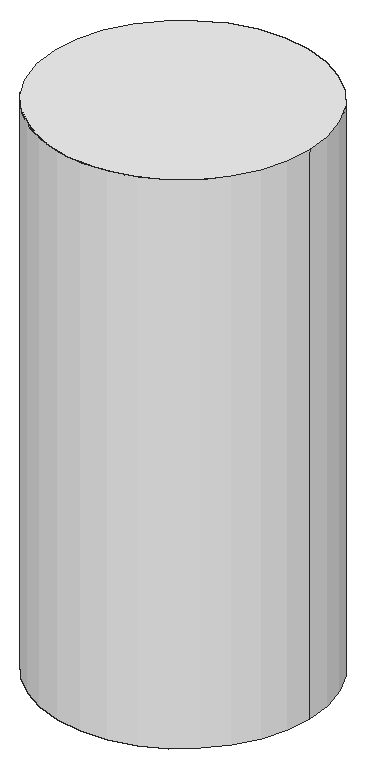
Revit family "01982001", category Plumbing Fixtures, Revit 2016
Family settings
  Part Type = Normal
  Round Connector Dimension = Use Diameter
  OmniClass Number = 23.45.55.00
  OmniClass Title = Sanitary Faucets, Wastes
  Work Plane-Based = No
  Always vertical = Yes
  Cut with Voids When Loaded = No
  Shared = No
  Room Calculation Point = No
Parameters (values of type "01982001 Washbasin faucet")
  WorkingPressure = "n/a"
  WarrantyStartDate [instance] = "n/a"
  WarrantyGuarantorParts = "n/a"
  WarrantyGuarantorLabor = "n/a"
  WarrantyDurationUnit = "Year"
  WarrantyDurationParts = "n/a"
  WarrantyDurationLabor = "n/a"
  WarrantyDescription = "http://warranty.hansa.com"
  VersionDate = "01/01/2019"  # constant formula
  Version = "2"  # constant formula
  ValvePattern = "n/a"
  ValveOperation = "n/a"
  ValveMechanism = "n/a"
  Uniclass2015Reference = "Pr_40_20_87_96"
  Uniclass2015Description = "Washbasin manual water supply sets"
  Uniclass2 = "Pr_40_30_96_96"
  URL ABP = "http://static.hansa.com/ABP/01982001"
  URL = ""
  TestPressure = "n/a"
  TagNumber [instance] = "n/a"
  SustainabilityPerformance = "n/a"
  Spout Type = "Fixed spout"
  Spare Parts = "http://static.hansa.com/sp/01982001"
  Size = "48x130x161 mm"
  Shape = "Sculptured"
  SerialNumber [instance] = "n/a"
  Revision = "2"  # constant formula
  ReplacementCost = "n/a"
  Projection = 97 mm
  ProductInformation = "n/a"
  Product URL = "http://static.hansa.com/01982001"
  Product Image URL = "http://static.hansa.com/image/01982001"
  Product Family = "HANSAMEDIPRO"
  Product Datasheet = "http://www.hansa.com/datasheet/01982001/en"
  Product Code = "01982001"
  Package external Dimensions = "374 x 214 x 116"
  Package Weight = "1.44 kg"
  OutletConnectionSize = 15 mm
  OperatingMechanismMaterial = "n/a"
  NominalWidth = 48 mm
  NominalHeight = 161 mm
  NominalDepth = 130 mm
  Name_en = "01982001 Washbasin faucet"
  Name = "01982001 Washbasin faucet"
  NBSReference = "45-35-70/371"
  NBSDescription = "Water supply fittings for wash basins and troughs"
  Mounting Holes = "1 mounting hole"
  ModelReference = "01982001"
  ModelNumber = "n/a"
  Model = "01982001 Washbasin faucet"
  Mechanical Parts = "Ceramic head part"
  Material = "Brass"
  Market = "AUT;BEL;CZE;DEU;ESP;INT;ITA;NLD;SVK"
  ManufacturerName = "Hansa"
  Manufacturer = "Hansa"
  ManufacterURL = "http://www.hansa.com/"
  Long Marketing = "One hole washbasin pillar valve"
  InstallationDate [instance] = "n/a"
  Installation and Maintenance = "http://static.hansa.com/manual/01982001"
  Installation Type = "Deck mounted"
  InletConnectionSize = 15 mm
  IfcExportType = "FAUCET"  # constant formula
  IfcExportAs = "IfcValveType"  # constant formula
  Health Sales Arguments = "Brass in contact with drinking water contains less than 0.3% lead.;Surfaces in contact with drinking water do not have a nickel coating."
  Group = "Washbasin faucets"
  Grade = "n/a"
  FlowCoefficient = 0
  Flow Rate At 300kPa With Flow Controller = 0.1 L/s
  Flow Drawing URL = "http://static.hansa.com/flowchart/01982001"
  Flow = "Laminar flow"
  Finish = "Polished"
  Features = "Single lever"
  FaucetMainMaterial = Brass
  FDV Document URL = "http://www.hansa.com/datasheet/01982001/en/fdv"
  Extensions = "No pop-up waste included"
  ExpectedLife = "n/a"
  EAN Number = "4015474267084"
  DurationUnit = "Year"
  Description = ""
  DefaultElevation [instance] = 900 mm
  DN Size = "DN15"
  Customs Code = "84818011"
  ConvergoRefNr = "0087-1803-0027-FI"
  Constituents = "n/a"
  Color = "Chrome"
  CodePerformance = "n/a"
  CloseOffRating = 0
  Class = "Single lever"
  Category = "Health & Care"
  Catalog Drawing URL = "http://static.hansa.com/catdrw/01982001"
  Brand = "Hansa"
  BodyMaterial = "Brass"
  Barcode [instance] = "n/a"
  BIMObjectName = "01982001"
  Author = "Convergo AB"  # constant formula
  AssetType = "Fixed"
  AssetIdentifier [instance] = "n/a"
  Approval ABP = "P-IX 28475/IA"
  Aerator = "Laminar, HONEYCOMB®"
  Advanced Features = "Waterways without nickel coating;Low lead <0.3;DZR brass;Without draw-rod opening"
  AccessibilityPerformance = "n/a"
  2D/3D/BIM Files URL = "http://static.hansa.com/bim/01982001"
Reference planes
  plane 1 "Center (Front/Back)": y = 0
  plane 2: z = 0
  plane 3 "Center (Left/Right)": x = 0
  plane 4: x = -24
  plane 5: x = 24
  plane 6: z = 900
  plane 7: z = 870
  plane 8: y = -130
  plane 9: z = 1061
Forms (mm)
  Extrusion 1, solid, material "Brass" <- "FaucetMainMaterial"
    sketch origin (0, 0, 0) x (1, 0, 0) y (0, 1, 0)
      loop
        circle (0, -24) r 7.5
    from 870 to 900
  Revolve 2, solid, material "Brass" <- "FaucetMainMaterial", detail levels medium
    sketch origin (0, 0, 0) x (0, 1, 0) y (0, 0, 1)
      loop
        arc (-24, 1061) -> (-38.142, 1055.142) -> (-44, 1041) r 20
        line (-44, 1041) -> (-44, 908) -> (-48, 908) -> (-48, 900) -> (-24, 900) -> (-24, 1061)
      axis (-24, 1061) -> (-24, 900)
    angle from 0 to 360
  Extrusion 3, solid, material "Brass" <- "FaucetMainMaterial", detail levels medium
    sketch origin (0, 0, 0) x (0, 1, 0) y (0, 0, 1)
      loop
        line (-24, 1003.728) -> (-112.603, 1019.351)
        arc (-112.603, 1019.351) -> (-124.528, 1016.257) -> (-130, 1005.218) r 14.83
        line (-130, 1005.218) -> (-128.114, 1004.011) -> (-130, 1001.065) -> (-111.314, 989.099) -> (-109.428, 992.044) -> (-101.432, 986.924) -> (-24, 973.27) -> (-24, 1003.728)
    from -15.043 to 15
  Extrusion 4, solid, material "Brass" <- "FaucetMainMaterial", detail levels coarse
    sketch origin (0, 0, 0) x (1, 0, 0) y (0, 1, 0)
      loop
        line (-24, -130) -> (24, -130) -> (24, 0) -> (-24, 0) -> (-24, -130)
    from 900 to 1061
Cuts and joins
  joined: Revolve 2, Extrusion 3
Lines and regions (mm)
  symbolic lines, detail levels fine
    curve 1: arc (-15, -42.735, 0) -> (0, -48, 0) -> (15, -42.735, 0) r 24
    curve 6: arc (-19.571, -28.121, 0) -> (-24, -24, 0) -> (-19.571, -19.879, 0) r 4.132
    curve 7: arc (-19.571, -28.121, 0) -> (0, -44, 0) -> (19.571, -28.121, 0) r 20
    curve 8: arc (19.571, -28.121, 0) -> (24, -24, 0) -> (19.571, -19.879, 0) r 4.132
    curve 9: arc (19.571, -19.879, 0) -> (0, -4, 0) -> (-19.571, -19.879, 0) r 20
    curve 12: line (20, 0, 908) -> (-20, 0, 908)
    curve 37: line (-17.5, 0, 1013.911) -> (-12.15, 0, 1013.911)
    curve 40: line (17.5, 0, 1012.557) -> (13.017, 0, 1012.557)
    curve 41: arc (12.031, 0, 996.277) -> (14.937, 0, 1004.271) -> (13.017, 0, 1012.557) r 14.964
    curve 42: line (-14.964, 0, 1005.176) -> (-14.964, 0, 993.676)
    curve 43: line (14.964, 0, 1005.176) -> (14.964, 0, 993.676)
    curve 44: spline (-14.964, 0, 993.676) -> (-14.454, 0, 990.052) -> (-12.959, 0, 986.676) -> (-10.581, 0, 983.776) -> (-7.482, 0, 981.551) -> (-3.873, 0, 980.153) -> (0, 0, 979.676) -> (3.873, 0, 980.153) -> (7.482, 0, 981.551) -> (10.581, 0, 983.776) -> (12.959, 0, 986.676) -> (14.454, 0, 990.052) -> (14.964, 0, 993.676)
    curve 45: spline (12.031, 0, 995.187) -> (11.621, 0, 996.888) -> (10.419, 0, 998.474) -> (8.507, 0, 999.836) -> (6.016, 0, 1000.881) -> (3.114, 0, 1001.538) -> (0, 0, 1001.762) -> (-3.114, 0, 1001.538) -> (-6.016, 0, 1000.881) -> (-8.507, 0, 999.836) -> (-10.419, 0, 998.474) -> (-11.621, 0, 996.888) -> (-12.031, 0, 995.187) -> (-11.621, 0, 993.485) -> (-10.419, 0, 991.899) -> (-8.507, 0, 990.537) -> (-6.016, 0, 989.492) -> (-3.114, 0, 988.836) -> (0, 0, 988.612) -> (3.114, 0, 988.836) -> (6.016, 0, 989.492) -> (8.507, 0, 990.537) -> (10.419, 0, 991.899) -> (11.621, 0, 993.485) -> (12.031, 0, 995.187)
    curve 46: spline (12.031, 0, 997.687) -> (11.621, 0, 999.388) -> (10.419, 0, 1000.974) -> (8.507, 0, 1002.336) -> (6.016, 0, 1003.381) -> (3.114, 0, 1004.038) -> (0, 0, 1004.262) -> (-3.114, 0, 1004.038) -> (-6.016, 0, 1003.381) -> (-8.507, 0, 1002.336) -> (-10.419, 0, 1000.974) -> (-11.621, 0, 999.388) -> (-12.031, 0, 997.687)
    curve 47: line (-12.031, 0, 995.187) -> (-12.031, 0, 996.277)
    curve 48: line (12.031, 0, 995.187) -> (12.031, 0, 996.277)
    curve 49: line (-12.031, 0, 996.277) -> (-12.031, 0, 997.687)
    curve 50: line (12.031, 0, 996.277) -> (12.031, 0, 997.687)
    curve 51: spline (-12.962, 0, 997.698) -> (-12.52, 0, 999.653) -> (-11.226, 0, 1001.475) -> (-9.166, 0, 1003.039) -> (-6.481, 0, 1004.239) -> (-3.355, 0, 1004.994) -> (0, 0, 1005.251) -> (3.355, 0, 1004.994) -> (6.481, 0, 1004.239) -> (9.166, 0, 1003.039) -> (11.226, 0, 1001.475) -> (12.52, 0, 999.653) -> (12.962, 0, 997.698)
    curve 52: arc (-12.15, 0, 1013.911) -> (-12.602, 0, 1013.246) -> (-13.017, 0, 1012.557) r 14.964
    curve 53: arc (-13.017, 0, 1012.557) -> (-14.937, 0, 1004.271) -> (-12.031, 0, 996.277) r 14.964
    curve 54: line (-13.017, 0, 1012.557) -> (-17.5, 0, 1012.557)
    curve 55: line (12.15, 0, 1013.911) -> (17.5, 0, 1013.911)
    curve 56: arc (12.15, 0, 1013.911) -> (0, 0, 1020.14) -> (-12.15, 0, 1013.911) r 14.964
    curve 57: arc (13.017, 0, 1012.557) -> (12.602, 0, 1013.246) -> (12.15, 0, 1013.911) r 14.964
    curve 61: line (0, -44, 908) -> (0, -4, 908)
    curve 74: line (0, -6.5, 1014.011) -> (0, -41.5, 1014.011)
    curve 75: line (0, -6.5, 1012.511) -> (0, -41.5, 1012.511)
    curve 76: line (0, -17.361, 1030.54) -> (0, -17.361, 1044.83)
    curve 77: line (0, -30.639, 1030.54) -> (0, -30.639, 1044.83)
    curve 78: spline (0, -17.361, 1044.83) -> (0, -17.587, 1046.412) -> (0, -18.251, 1047.886) -> (0, -19.306, 1049.152) -> (0, -20.681, 1050.124) -> (0, -22.282, 1050.735) -> (0, -24, 1050.943) -> (0, -25.718, 1050.735) -> (0, -27.319, 1050.124) -> (0, -28.694, 1049.152) -> (0, -29.749, 1047.886) -> (0, -30.413, 1046.412) -> (0, -30.639, 1044.83)
    curve 79: spline (0, -17.361, 1030.54) -> (0, -17.587, 1028.691) -> (0, -18.251, 1026.967) -> (0, -19.306, 1025.488) -> (0, -20.681, 1024.352) -> (0, -22.282, 1023.638) -> (0, -24, 1023.395) -> (0, -25.718, 1023.638) -> (0, -27.319, 1024.352) -> (0, -28.694, 1025.488) -> (0, -29.749, 1026.967) -> (0, -30.413, 1028.691) -> (0, -30.639, 1030.54)
    curve 89: line (0, -109.428, 992.044) -> (0, -128.114, 1004.011)
  symbolic lines, detail levels medium+fine
    curve 2: line (-15, -115, 0) -> (-15, -42.735, 0)
    curve 3: arc (-15, -115, 0) -> (0, -130, 0) -> (15, -115, 0) r 15
    curve 4: line (15, -115, 0) -> (15, -42.735, 0)
    curve 5: arc (15, -42.735, 0) -> (0, 0, 0) -> (-15, -42.735, 0) r 24
    curve 10: line (24, 0, 900) -> (-24, 0, 900)
    curve 11: line (-24, 0, 900) -> (-24, 0, 908)
    curve 13: line (-20, 0, 908) -> (-24, 0, 908)
    curve 14: line (-20, 0, 908) -> (-20, 0, 1012.557)
    curve 15: arc (-20, 0, 1023) -> (-20.41, 0, 1024.708) -> (-21.551, 0, 1026.045) r 3.763
    curve 16: arc (-21.551, 0, 1026.045) -> (-23.283, 0, 1026.762) -> (-24, 0, 1028.493) r 2.449
    curve 17: line (-24, 0, 1028.493) -> (-24, 0, 1046.368)
    curve 18: line (-20.843, 0, 1049.524) -> (-19.555, 0, 1049.524)
    curve 19: arc (-16.974, 0, 1050.934) -> (0, 0, 1061) -> (16.974, 0, 1050.934) r 19.345
    curve 20: arc (-19.555, 0, 1049.524) -> (-18.085, 0, 1049.9) -> (-16.974, 0, 1050.934) r 3.067
    curve 21: arc (-20.843, 0, 1049.524) -> (-23.075, 0, 1048.6) -> (-24, 0, 1046.368) r 3.157
    curve 22: line (24, 0, 900) -> (24, 0, 908)
    curve 23: line (20, 0, 908) -> (24, 0, 908)
    curve 24: line (20, 0, 908) -> (20, 0, 1012.557)
    curve 25: arc (20, 0, 1023) -> (20.41, 0, 1024.708) -> (21.551, 0, 1026.045) r 3.763
    curve 26: arc (21.551, 0, 1026.045) -> (23.283, 0, 1026.762) -> (24, 0, 1028.493) r 2.449
    curve 27: line (24, 0, 1028.493) -> (24, 0, 1046.368)
    curve 28: line (20.843, 0, 1049.524) -> (19.555, 0, 1049.524)
    curve 29: arc (19.555, 0, 1049.524) -> (18.085, 0, 1049.9) -> (16.974, 0, 1050.934) r 3.067
    curve 30: arc (20.843, 0, 1049.524) -> (23.075, 0, 1048.6) -> (24, 0, 1046.368) r 3.157
    curve 31: line (-20, 0, 1013.911) -> (-17.5, 0, 1013.911)
    curve 32: line (20, 0, 1012.557) -> (17.5, 0, 1012.557)
    curve 33: line (-20, 0, 1013.911) -> (-20, 0, 1023)
    curve 34: line (20, 0, 1013.911) -> (20, 0, 1023)
    curve 35: line (17.5, 0, 1012.557) -> (17.5, 0, 1013.911)
    curve 36: line (-17.5, 0, 1012.557) -> (-17.5, 0, 1013.911)
    curve 38: line (-17.5, 0, 1012.557) -> (-20, 0, 1012.557)
    curve 39: line (17.5, 0, 1013.911) -> (20, 0, 1013.911)
    curve 58: line (0, 0, 900) -> (0, -48, 900)
    curve 59: line (0, -48, 900) -> (0, -48, 908)
    curve 60: line (0, -48, 908) -> (0, -44, 908)
    curve 62: line (0, -4, 908) -> (0, 0, 908)
    curve 63: line (0, 0, 908) -> (0, 0, 900)
    curve 64: line (0, -4, 908) -> (0, -4, 1012.511)
    curve 65: line (0, -4, 1012.511) -> (0, -6.5, 1012.511)
    curve 66: line (0, -4, 1014.011) -> (0, -6.5, 1014.011)
    curve 67: line (0, -44, 1014.011) -> (0, -44, 1041)
    curve 68: line (0, -4, 1014.011) -> (0, -4, 1041)
    curve 69: arc (0, -4, 1041) -> (0, -24, 1061) -> (0, -44, 1041) r 20
    curve 70: line (0, -6.5, 1012.511) -> (0, -6.5, 1014.011)
    curve 71: line (0, -41.5, 1014.011) -> (0, -41.5, 1012.511)
    curve 72: line (0, -41.5, 1014.011) -> (0, -44, 1014.011)
    curve 73: line (0, -41.5, 1012.511) -> (0, -44, 1012.511)
    curve 80: line (0, -49.237, 1008.178) -> (0, -112.603, 1019.351)
    curve 81: line (0, -101.432, 986.924) -> (0, -109.428, 992.044)
    curve 82: arc (0, -130, 1005.218) -> (0, -124.528, 1016.257) -> (0, -112.603, 1019.351) r 14.83
    curve 83: line (0, -101.432, 986.924) -> (0, -60.562, 979.717)
    curve 84: arc (0, -60.562, 979.717) -> (0, -48.778, 972.968) -> (0, -44, 960.256) r 20.045
    curve 85: arc (0, -49.237, 1008.178) -> (0, -45.599, 1009.113) -> (0, -44, 1012.511) r 4.411
    curve 86: line (0, -109.428, 992.044) -> (0, -111.314, 989.099)
    curve 87: line (0, -111.314, 989.099) -> (0, -130, 1001.065)
    curve 88: line (0, -130, 1001.065) -> (0, -128.114, 1004.011)
    curve 90: line (0, -128.114, 1004.011) -> (0, -130, 1005.218)
    curve 91: line (0, -44, 960.256) -> (0, -44, 908)
Dimensions and locks
  equal spacing: plane 4, plane 3 "Center (Left/Right)", plane 5
  "DefaultElevation": plane 6 to level
  locked: plane 6 to plane 7 at 30
  "NominalDepth": plane 8 to plane 1 "Center (Front/Back)"
  "NominalHeight": plane 9 to plane 6
  "NominalWidth": plane 4 to plane 5
  aligned and locked: level to plane 2
  aligned and locked: plane 6 to Extrusion 1
  aligned and locked: Extrusion 1 to plane 7
  aligned and locked: import instance to plane 6
  aligned and locked: plane 9 to Extrusion 4
  aligned and locked: Extrusion 4 to plane 6
Automatic sketch dimensions
  Extrusion 1 sketch curve to plane 3 "Center (Left/Right)" = 0 mm
  plane 1 "Center (Front/Back)" to Extrusion 1 sketch curve = 24 mm
  curve 1 to curve 5 = 0 mm
  curve 5 to curve 7 = 0 mm  (x2)
  curve 5 to plane 3 "Center (Left/Right)" = 0 mm
  curve 3 to plane 3 "Center (Left/Right)" = 0 mm
  plane 4 to curve 2 = 9 mm
  plane 4 to curve 6 = 4.132 mm
  curve 8 to plane 5 = 4.132 mm
  plane 8 to curve 2 = 15 mm
  plane 1 "Center (Front/Back)" to curve 2 = 42.735 mm
  curve 5 to curve 6 = 18.735 mm
  curve 6 to curve 7 = 0 mm
  curve 1 to curve 8 = 18.735 mm
  curve 6 to curve 9 = 0.297 mm
  curve 8 to curve 8 = 0.297 mm
  curve 8 to curve 8 = 4.121 mm
  curve 1 to curve 9 = 0 mm  (x2)
  curve 6 to curve 6 = 0.297 mm
  curve 88 to plane 8 = 0 mm
  curve 82 to plane 8 = 0 mm
  curve 58 to plane 6 = 0 mm
  curve 63 to plane 1 "Center (Front/Back)" = 0 mm
  plane 8 to curve 82 = 14.822 mm
  curve 82 to curve 80 = 2.575 mm
  curve 82 to curve 86 = 3.864 mm
  curve 81 to curve 84 = 37.389 mm
  curve 84 to curve 83 = 3.481 mm
  curve 84 to curve 80 = 11.325 mm
  curve 80 to curve 85 = 0.826 mm
  plane 6 to curve 60 = 8 mm
  curve 60 to curve 62 = 48 mm
  curve 85 to curve 67 = 4.411 mm
  curve 59 to curve 60 = 4 mm
  curve 67 to curve 72 = 2.5 mm
  curve 67 to curve 77 = 13.361 mm
  curve 77 to curve 69 = 6.639 mm
  curve 69 to curve 76 = 6.639 mm
  curve 74 to curve 66 = 2.5 mm
  curve 65 to curve 66 = 0 mm
  curve 59 to curve 84 = 51.977 mm
  curve 84 to curve 83 = 19.741 mm
  curve 83 to curve 83 = 7.206 mm
  curve 81 to curve 87 = 2.176 mm
  curve 82 to curve 90 = 0.471 mm
  curve 84 to curve 80 = 28.461 mm
  curve 71 to curve 74 = 1.5 mm
  curve 71 to curve 77 = 16.529 mm
  curve 77 to curve 67 = 10.46 mm
  curve 69 to curve 77 = 3.83 mm
  plane 8 to curve 88 = 1.886 mm
  curve 88 to curve 90 = 1.208 mm
  curve 73 to curve 67 = 0 mm
  Revolve 2 sketch curve to plane 6 = 0 mm  (x2)
  Revolve 2 sketch curve to plane 9 = 0 mm  (x2)
  plane 1 "Center (Front/Back)" to Revolve 2 sketch curve = 48 mm
  Revolve 2 sketch curve to Revolve 2 sketch curve = 4 mm
  Revolve 2 sketch curve to Revolve 2 sketch curve = 20 mm
  plane 6 to Revolve 2 sketch curve = 8 mm
  Revolve 2 sketch curve to Revolve 2 sketch curve = 0 mm
  Extrusion 3 sketch curve to plane 8 = 0 mm  (x2)
  Extrusion 3 sketch curve to Extrusion 3 sketch curve = 2.575 mm
  Extrusion 3 sketch curve to Extrusion 3 sketch curve = 3.864 mm
  Extrusion 3 sketch curve to Extrusion 3 sketch curve = 1.886 mm
  Extrusion 3 sketch curve to Extrusion 3 sketch curve = 7.996 mm
  Extrusion 3 sketch curve to plane 9 = 74.076 mm
  Extrusion 3 sketch curve to Extrusion 3 sketch curve = 2.176 mm
  Extrusion 3 sketch curve to plane 9 = 57.272 mm
  Extrusion 3 sketch curve to Extrusion 3 sketch curve = 12.703 mm
  Extrusion 3 sketch curve to Extrusion 3 sketch curve = 14.604 mm
  plane 8 to Extrusion 3 sketch curve = 1.886 mm
  plane 1 "Center (Front/Back)" to Extrusion 3 sketch curve = 24 mm
  Extrusion 3 sketch curve to Extrusion 3 sketch curve = 30.458 mm
  plane 1 "Center (Front/Back)" to Extrusion 4 sketch curve = 0 mm
  Extrusion 4 sketch curve to plane 4 = 0 mm
  Extrusion 4 sketch curve to plane 5 = 0 mm
  Extrusion 4 sketch curve to plane 8 = 0 mm
  curve 41 to curve 52 = 0 mm  (x2)
  curve 41 to curve 53 = 0 mm  (x2)
  curve 41 to curve 56 = 0 mm  (x2)
  curve 41 to curve 57 = 0 mm  (x2)
  curve 17 to plane 4 = 0 mm
  curve 10 to plane 4 = 0 mm
  curve 56 to plane 3 "Center (Left/Right)" = 0 mm
  curve 46 to plane 3 "Center (Left/Right)" = 0 mm
  curve 19 to plane 3 "Center (Left/Right)" = 0 mm
  curve 26 to plane 5 = 0 mm
  curve 23 to plane 5 = 0 mm
  curve 10 to plane 6 = 0 mm
  plane 4 to curve 15 = 0.237 mm
  plane 4 to curve 16 = 2.449 mm
  plane 4 to curve 21 = 3.157 mm
  plane 4 to curve 38 = 4 mm
  curve 16 to curve 33 = 1.551 mm
  curve 18 to curve 20 = 1.288 mm
  curve 14 to curve 36 = 2.5 mm
  plane 4 to curve 42 = 9.036 mm
  curve 36 to curve 54 = 4.483 mm
  curve 53 to curve 37 = 0.867 mm
  curve 44 to curve 49 = 2.933 mm
  curve 55 to curve 43 = 2.814 mm
  curve 55 to curve 40 = 0.867 mm
  curve 41 to curve 55 = 4.483 mm
  curve 29 to plane 5 = 4.445 mm
  curve 23 to plane 5 = 4 mm
  curve 34 to plane 5 = 4 mm
  curve 30 to plane 5 = 3.157 mm
  curve 26 to plane 5 = 2.449 mm
  curve 25 to plane 5 = 0.237 mm
  plane 6 to curve 12 = 8 mm
  curve 43 to plane 9 = 67.324 mm
  curve 44 to curve 47 = 2.601 mm
  curve 53 to curve 49 = 1.409 mm
  curve 31 to curve 33 = 9.089 mm
  curve 34 to curve 34 = 9.089 mm
  curve 19 to plane 9 = 19.345 mm
  curve 30 to plane 9 = 14.632 mm
  curve 21 to plane 9 = 14.632 mm
  curve 28 to curve 29 = 3.067 mm
  curve 18 to curve 20 = 3.067 mm
  curve 20 to curve 20 = 2.581 mm
  curve 51 to curve 46 = 0.931 mm
  curve 47 to curve 47 = 1.091 mm
  curve 44 to curve 45 = 1.511 mm
  curve 48 to curve 45 = 0 mm
  curve 42 to curve 54 = 7.381 mm
  curve 43 to curve 40 = 7.381 mm
  radius of Extrusion 1 sketch curve = 7.5 mm
Nested families
  nested 1: "Symbol" at (0, 0, 0), type "Symbol", detail levels coarse
Connectors
  piping at (0, -24, 870), diameter 15, driven by "InletConnectionSize"
    settings: on Extrusion 1, index 1, connector inside diameter 609.6 mm, connector length 0 mm, flow factor 0, pipe flow 0.0 L/s, pressure drop 0.0 Pa, fitting loss kfactor 0, connector angle 0.00°, fixture units 0, engagement length 0 mm, angle of deflection 0.00°, flow configuration 1, flow direction 1, fitting loss method 4, system type 19, joint type 0, gender type 0, connector reference index -1, connector utility 0, adjustable connector no, is connector primary yes, connector description ""
Definition of nested family "Symbol"
  Reference planes
    plane 1: y = 0
    plane 2: x = 0
  Lines and regions (mm)
    detail lines
      curve 1: line (0, 0, 0) -> (0, -1.8, 0)
      curve 2: line (-0.4, -1.1, 0) -> (0.4, -1.1, 0)
      curve 3: line (-0.4, -1.4, 0) -> (0.4, -1.4, 0)
      curve 4: line (0.863, 0, 0) -> (-0.863, 0, 0)
      curve 5: circle (-1.163, 0, 0) r 0.3 normal (0, 0, -1)
      curve 6: circle (1.163, 0, 0) r 0.3 normal (0, 0, 1)
